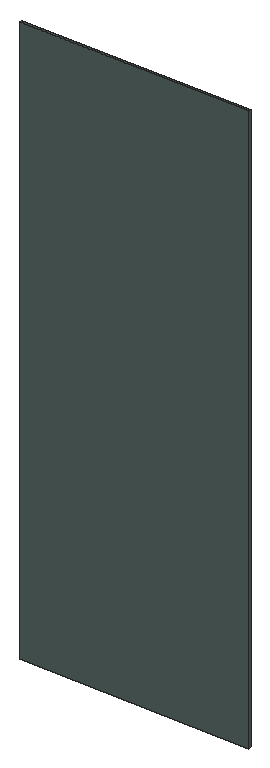
Revit family "MOMENTUM_PANEL_SOLID COLOR", category Generic Models, Revit 2022
Family settings
  Can host rebar = No
  Round Connector Dimension = Use Diameter
  Part Type = Normal
  Work Plane-Based = No
  Always vertical = Yes
  Cut with Voids When Loaded = No
  Maintain Annotation Orientation = No
  Shared = No
  Room Calculation Point = No
Parameters (values of type "solid_c_panel-beige-09575465")
  Warranty URL = "https://momentumtextilesandwalls.com/products/09579227/warranty"
  URL = "https://momentumtextilesandwalls.com/solutions/acoustics"
  Type Comments = ""
  Support Email = "customerservice@momtex.com"
  Product Page URL = "https://momentumtextilesandwalls.com/pages/solutions/acoustics/panels"
  Product Name = "PINDROP PANELS - Solid Colors"
  Product Documetation Link = "https://momentumtextilesandwalls.com/pages/solutions/acoustics/resources"
  Pindrop Color = Pindrop - Solid Color - Beige
  Model = "09575465"
  Material = "1/2\" PET Felt"
  Manufacturer Phone Number = "+1 800.366.6839"
  Manufacturer Email = "customerservice@momtex.com"
  Manufacturer Address = "17811 Fitch, Irvine, California 92614"
  Manufacturer = "Momentum"
  Keynote = "09840.A1"
  Instruction Sheet Link = "https://momentumtextilesandwalls-res.cloudinary.com/image/upload/v1/pdf/solid_color_installation_guide.pdf?_a=AAFIKDQ"
  Installation Type = "Construction Adhesive"
  Description = "CONFIDENT ALONE, DESIGNED TO BE COMBINED: These bold geometric shapes are made to speak for themselves while keeping a lid on noise. Printed in large, dramatic ombre effect of organic lines, ZIG OMBRE is available in 6 colorways. ZAG, its companion panel, is etched_carved from solid colors at various depths. Made from recycled PET felt (0.5\"), Red List free with an NRC value of 0.45-0.9."
  Default Elevation = 0"
  Cost = 0
  Copyright = "Copyright © 2023 Momentum"
  Assembly Code = "C3010140"
Types (12): name | Pindrop Color | Model
  solid_c_panel-beige-09575465 | Pindrop - Solid Color - Beige | "09575465"
  solid_c_panel-black-09575531 | Pindrop - Solid Color - Black | "09575531"
  solid_c_panel-camel-09575476 | Pindrop - Solid Color - Cream | "09575476"
  solid_c_panel-cream-09575454 | Pindrop - Solid Color - Cream | "09575454"
  solid_c_panel-crisp_white-09575410 | Pindrop - Solid Color - Crisp White | "09575410"
  solid_c_panel-heather_gray-09575421 | Pindrop - Solid Color - Heather Grey | "09575421"
  solid_c_panel-indigo-09575498 | Pindrop - Solid Color - Indigo | "09575498"
  solid_c_panel-iron-09575443 | Pindrop - Solid Color - Iron | "09575443"
  solid_c_panel-lime-09575509 | Pindrop - Solid Color - Lime | "09575509"
  solid_c_panel-mushroom-09575487 | Pindrop - Solid Color - Mushroom | "09575487"
  solid_c_panel-shale-09575432 | Pindrop - Solid Color - Shale | "09575432"
  solid_c_panel-true_red-09575520 | Pindrop - Solid Color - True Red | "09575520"
Reference planes (in)
  plane 1 "Center (Front/Back)": y = 0
  plane 2: z = 0
  plane 3 "Center (Left/Right)": x = 0
  plane 4: y = -0.5
Forms (in)
  Extrusion 1, solid, material "Pindrop - Solid Color - Beige" <- "Pindrop Color"
    sketch origin (0, 0, 0) x (1, 0, 0) y (0, 0, 1)
      loop
        line (0, 0) -> (48, 0) -> (48, 120) -> (0, 120) -> (0, 0)
    from 0 to 0.5
Dimensions and locks (in)
  locked: Extrusion 1 sketch curve to Extrusion 1 sketch curve at 48
  locked: Extrusion 1 sketch curve to Extrusion 1 sketch curve at 120
  plane 4 to plane 1 "Center (Front/Back)" = 1/2"
  aligned and locked: level to plane 2
  aligned and locked: Extrusion 1 sketch curve to level
  aligned and locked: Extrusion 1 sketch curve to plane 3 "Center (Left/Right)"
  aligned and locked: Extrusion 1 to plane 1 "Center (Front/Back)"
  aligned and locked: Extrusion 1 to plane 4
